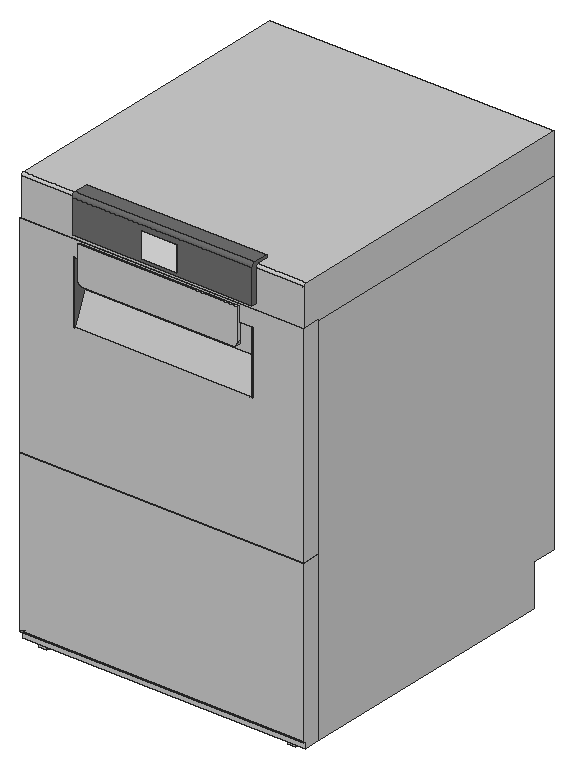
Revit family "Bi34", category Equipement spécialisé, Revit 2023
Family settings
  Cote de connecteur circulaire = Utiliser le diamètre
  Type d'élément = Normal
  Numéro OmniClass = 23.40.40.14
  Titre OmniClass = Food Service Equipment
  Basée sur le plan de construction = Non
  Autoriser la découpe dans les vues = Non
  Toujours verticalement = Oui
  Couper avec des vides une fois chargée = Non
  Conserver l'orientation des annotations = Non
  Partagée = Non
  Repère de localisation dans la pièce = Non
Parameters (values of type "6F0282")
  URL catalogo = "https://comenda.fr/pdf/docs/Infinity/Infinity.pdf"
  URL = "www.comenda.fr"
  Tensione = 400 V
  Temperatura raccomandata per acqua calda = 50 °C
  Stand feet kit = no
  Show Logo [instance] = yes
  Show Clearance [instance] = yes
  Protezione contro le sovracorrenti = 16 A
  Elévation par défaut = 0 mm
  Profondità = 530 mm
  Pressione minima acqua calda = 2000.0 Pa
  Potenza elettrica = 6850 W
  Peso netto = 59.00 kg
  Numero dei poli = 3
  Modèle = "Bi35 R"
  Fabricant = "COMENDA"
  Lunghezza = 480 mm
  HEIGHT FROM THE FLOOR = 5 mm
  Frequenza = 50 Hz
  Fase = 3
  Diametro raccordo acqua calda = 3/4"
  Diametro dello scarico diretto di acqua = 1 3/8"
  Description = "MULTIPOWER DOUBLE WALL GLASS WASHER"
  Corrente di funzionamento normale = 10.2 A
  Assembly Code = ""
  Base stand with door = no
  Altezza dello scarico diretto acqua da pavimento finito = 51 mm
  Altezza da terra raccordo acqua calda = 51 mm
  Altezza allacciamento elettrico da pavimento finito = 38 mm
  Altezza = 720 mm
Reference planes
  plane 1 "Back": y = 0
  plane 2: z = 0
  plane 3 "Left": x = 0
  plane 4 "Right": x = 480
  plane 5 "Front": y = -530
  plane 6 "Top": z = 720
Forms (mm)
  Extrusion 1, solid
    sketch origin (0, 0, 555) x (1, 0, 0) y (0, 1, 0)
      loop
        line (21.3, -49.113) -> (14.1, -61.584) -> (21.3, -74.054) -> (35.7, -74.054) -> (42.9, -61.584) -> (35.7, -49.113) -> (21.3, -49.113)
      loop
        line (443.3, -49.113) -> (436.1, -61.584) -> (443.3, -74.054) -> (457.7, -74.054) -> (464.9, -61.584) -> (457.7, -49.113) -> (443.3, -49.113)
      loop
        line (21.3, -493.113) -> (14.1, -505.584) -> (21.3, -518.054) -> (35.7, -518.054) -> (42.9, -505.584) -> (35.7, -493.113) -> (21.3, -493.113)
      loop
        line (443.3, -493.113) -> (436.1, -505.584) -> (443.3, -518.054) -> (457.7, -518.054) -> (464.9, -505.584) -> (457.7, -493.113) -> (443.3, -493.113)
    from -555 to -548.5
  Extrusion 2, solid
    sketch origin (0, 0, 550) x (1, 0, 0) y (0, 1, 0)
      loop
        circle (28.5, -61.584) r 9
      loop
        circle (450.5, -61.584) r 9
      loop
        circle (28.5, -505.584) r 9
      loop
        circle (450.5, -505.584) r 9
    from -543.5 to -541.3
  Extrusion 3, solid
    sketch origin (0, 0, 449.5) x (0, 1, 0) y (0, 0, 1)
      loop
        arc (-522.594, 266.5) -> (-526.129, 265.036) -> (-527.594, 261.5) r 5
        line (-527.594, 261.5) -> (-527.594, 198.5) -> (0, 198.5) -> (0, 266.5) -> (-522.594, 266.5)
    from 0 to 480
  Extrusion 4, solid
    sketch origin (0, 0, 550) x (0, 1, 0) y (0, 0, 1)
      loop
        line (-498.297, 98) -> (-498.297, -541.3) -> (-42.297, -541.3) -> (-42.297, -469.3) -> (0, -469.3) -> (0, 98) -> (-498.297, 98)
    from 0 to 480
  Extrusion 5, solid
    sketch origin (0, 0, 550) x (0, 1, 0) y (0, 0, 1)
      loop
        line (-498.297, -541.3) -> (-498.297, -259.054) -> (-529.984, -259.054) -> (-529.984, -528.054)
        arc (-529.984, -528.054) -> (-529.281, -529.751) -> (-527.584, -530.454) r 2.4
        line (-527.584, -530.454) -> (-525.384, -530.454)
        arc (-525.384, -530.454) -> (-524.252, -530.922) -> (-523.784, -532.054) r 1.6
        line (-523.784, -532.054) -> (-523.784, -541.3) -> (-498.297, -541.3)
    from 0 to 480
  Extrusion 6, solid
    sketch origin (1000, -568.594, 550) x (1, 0, 0) y (0, 0, 1)
      loop
        line (-1000, 98) -> (-1000, -257.058) -> (-520, -257.058) -> (-520, 98) -> (-1000, 98)
    from -70.297 to -38.594
  Extrusion 7, solid, visible <- "Show Clearance", detail levels coarse
    sketch origin (0, -2.39, 542.058) x (0, 1, 0) y (0, 0, 1)
      loop
        arc (-527.594, 104.606) -> (-773.613, -0.58) -> (-867.544, -251.112) r 340.3
        line (-867.544, -251.112) -> (-527.594, -251.112) -> (-527.594, 104.606)
    from 0 to 480
  Extrusion 8, solid
    sketch origin (0, 0, 445.5) x (0, -1, 0) y (0, 0, 1)
      loop
        line (527.594, 211.343) -> (534.473, 211.343) -> (534.473, 268.5)
        arc (534.473, 268.5) -> (532.716, 272.743) -> (528.473, 274.5) r 6
        line (528.473, 274.5) -> (503.594, 274.5) -> (503.594, 270.5) -> (522.594, 270.5)
        arc (522.594, 270.5) -> (526.129, 269.036) -> (527.594, 265.5) r 5
        line (527.594, 265.5) -> (527.594, 211.343)
    from -92 to -397
  Extrusion 9, solid
    sketch origin (60, -534.598, 662.768) x (0, 0, 1) y (-1, 0, 0)
      loop
        line (-0.768, -150.988) -> (-0.768, -209) -> (42.232, -209) -> (42.232, -150.988) -> (-0.768, -150.988)
    from -2 to 0.5
  Extrusion 10, void
    sketch origin (0, -568.594, 650.792) x (0, 0, 1) y (0, -1, 0)
      loop
        line (-29.792, -38.594) -> (-136.792, -38.594) -> (-87.792, -61.297) -> (-29.792, -61.297) -> (-29.792, -38.594)
    from 90 to 394
  Extrusion 11, solid
    sketch origin (394, -568.594, 650.792) x (0, 0, -1) y (0, -1, 0)
      loop
        line (29.792, -38.594) -> (29.792, -61.297) -> (87.792, -61.297) -> (136.792, -38.594) -> (29.792, -38.594)
    from 0 to 2
  Extrusion 12, solid
    sketch origin (90, -568.594, 650.792) x (0, 0, 1) y (0, -1, 0)
      loop
        line (-29.792, -38.594) -> (-136.792, -38.594) -> (-87.792, -61.297) -> (-29.792, -61.297) -> (-29.792, -38.594)
    from 0 to 2
  Extrusion 13, solid
    sketch origin (0, -529.984, 646.664) x (0, 0, -1) y (-1, 0, 0)
      loop
        line (0.664, -100.009) -> (0.664, -370.988) -> (55.621, -370.988)
        arc (55.621, -370.988) -> (61.313, -368.63) -> (63.671, -362.938) r 8.05
        line (63.671, -362.938) -> (63.671, -110.009)
        arc (63.671, -110.009) -> (60.742, -102.938) -> (53.671, -100.009) r 10
        line (53.671, -100.009) -> (0.664, -100.009)
    from 2.406 to -3.6
Cuts and joins
  Extrusion 10 cuts Extrusion 6
  Extrusion 10 cuts Extrusion 7
Lines and regions (mm)
  symbolic lines, style "200-EquipBorder-2D"
    curve 1: line (0, 0, 0) -> (480, 0, 0)
    curve 2: line (0, -529.984, 0) -> (0, 0, 0)
    curve 3: line (480, -529.984, 0) -> (0, -529.984, 0)
    curve 4: line (480, 0, 0) -> (480, -529.984, 0)
  symbolic lines, style "QF_Door-Drawer Clearances", visible <- "Show Clearance"
    curve 5: line (480, -869.65, 0) -> (0, -869.65, 0)
    curve 6: line (0, -529.984, 0) -> (0, -869.65, 0)
    curve 7: line (480, -869.65, 0) -> (480, -529.984, 0)
Dimensions and locks
  "Lunghezza": plane 3 "Left" to plane 4 "Right"
  "Profondità": plane 5 "Front" to plane 1 "Back"
  plane 6 "Top" to level = 720 mm
  Extrusion 4 to Extrusion 4 = 639.3 mm
  Extrusion 3 to Extrusion 4 = 68 mm
  Extrusion 1 to Extrusion 4 = 2.2 mm
  locked: Extrusion 1 to Extrusion 1 at 6.5
  locked: plane 6 "Top" to Extrusion 3 at 4
  "Altezza": plane 6 "Top" to level
  Extrusion 5 to level = 8.7 mm
  "Lunghezza": plane 4 "Right" to plane 3 "Left"
  aligned and locked: level to plane 2
  aligned and locked: Extrusion 2 to Extrusion 1
  aligned and locked: Extrusion 3 to Extrusion 8
Automatic sketch dimensions
  plane 1 "Back" to curve 1 = 0 mm
  curve 1 to plane 3 "Left" = 0 mm
  curve 5 to plane 4 "Right" = 0 mm
  plane 5 "Front" to curve 4 = 0.016 mm
  curve 6 to plane 5 "Front" = 339.65 mm
  plane 3 "Left" to Extrusion 1 sketch curve = 14.1 mm  (x2)
  Extrusion 1 sketch curve to Extrusion 1 sketch curve = 7.2 mm  (x12)
  plane 5 "Front" to Extrusion 1 sketch curve = 11.946 mm  (x2)
  Extrusion 1 sketch curve to Extrusion 1 sketch curve = 14.4 mm  (x8)
  plane 4 "Right" to Extrusion 1 sketch curve = 43.9 mm  (x2)
  Extrusion 1 sketch curve to Extrusion 1 sketch curve = 12.471 mm  (x12)
  plane 1 "Back" to Extrusion 1 sketch curve = 74.054 mm  (x2)
  plane 3 "Left" to Extrusion 2 sketch curve = 28.5 mm  (x2)
  plane 4 "Right" to Extrusion 2 sketch curve = 29.5 mm  (x2)
  plane 5 "Front" to Extrusion 2 sketch curve = 24.416 mm  (x2)
  plane 1 "Back" to Extrusion 2 sketch curve = 61.584 mm  (x2)
  Extrusion 3 sketch curve to plane 1 "Back" = 0 mm
  Extrusion 3 sketch curve to plane 6 "Top" = 4 mm
  plane 5 "Front" to Extrusion 3 sketch curve = 7.406 mm
  plane 5 "Front" to Extrusion 3 sketch curve = 2.406 mm
  Extrusion 3 sketch curve to Extrusion 3 sketch curve = 63 mm
  Extrusion 4 sketch curve to plane 1 "Back" = 0 mm
  plane 1 "Back" to Extrusion 4 sketch curve = 42.297 mm
  plane 5 "Front" to Extrusion 4 sketch curve = 31.703 mm
  level to Extrusion 4 sketch curve = 8.7 mm
  level to Extrusion 4 sketch curve = 80.7 mm
  Extrusion 4 sketch curve to plane 6 "Top" = 72 mm
  plane 5 "Front" to Extrusion 5 sketch curve = 0.016 mm
  plane 5 "Front" to Extrusion 5 sketch curve = 2.416 mm
  Extrusion 5 sketch curve to Extrusion 5 sketch curve = 2.2 mm
  Extrusion 5 sketch curve to Extrusion 5 sketch curve = 1.6 mm
  level to Extrusion 5 sketch curve = 8.7 mm
  Extrusion 5 sketch curve to Extrusion 5 sketch curve = 25.487 mm
  Extrusion 5 sketch curve to Extrusion 5 sketch curve = 9.246 mm
  Extrusion 5 sketch curve to Extrusion 5 sketch curve = 269 mm
  Extrusion 6 sketch curve to plane 3 "Left" = 0 mm
  plane 4 "Right" to Extrusion 6 sketch curve = 0 mm
  level to Extrusion 6 sketch curve = 292.942 mm
  Extrusion 6 sketch curve to plane 6 "Top" = 72 mm
  Extrusion 7 sketch curve to plane 5 "Front" = 339.934 mm
  plane 5 "Front" to Extrusion 7 sketch curve = 0.016 mm
  level to Extrusion 7 sketch curve = 290.946 mm
  Extrusion 7 sketch curve to Extrusion 7 sketch curve = 15.418 mm
  Extrusion 8 sketch curve to Extrusion 8 sketch curve = 19 mm
  Extrusion 3 to Extrusion 8 sketch curve = 0.879 mm
  Extrusion 8 sketch curve to Extrusion 8 sketch curve = 6.879 mm
  Extrusion 8 sketch curve to Extrusion 3 = 8.843 mm
  Extrusion 8 sketch curve to Extrusion 3 = 2 mm
  Extrusion 9 sketch curve to plane 6 "Top" = 58 mm
  Extrusion 9 sketch curve to plane 6 "Top" = 15 mm
  plane 4 "Right" to Extrusion 9 sketch curve = 211 mm
  Extrusion 9 sketch curve to Extrusion 9 sketch curve = 58.012 mm
  Extrusion 10 sketch curve to Extrusion 6 = 0 mm
  Extrusion 10 sketch curve to Extrusion 6 = 134 mm
  Extrusion 10 sketch curve to Extrusion 6 = 9 mm
  Extrusion 10 sketch curve to Extrusion 10 sketch curve = 49 mm
  Extrusion 10 sketch curve to Extrusion 6 = 27 mm
  Extrusion 11 sketch curve to Extrusion 10 = 0 mm  (x5)
  Extrusion 12 sketch curve to Extrusion 10 = 0 mm  (x4)
  Extrusion 10 to Extrusion 12 sketch curve = 0 mm
  Extrusion 13 sketch curve to Extrusion 7 = 0.664 mm
  Extrusion 13 sketch curve to Extrusion 7 = 53.671 mm
  Extrusion 13 sketch curve to Extrusion 13 sketch curve = 54.957 mm
  Extrusion 13 sketch curve to Extrusion 13 sketch curve = 8.05 mm
  Extrusion 7 to Extrusion 13 sketch curve = 109.012 mm
  Extrusion 7 to Extrusion 13 sketch curve = 110.009 mm
  radius of Extrusion 2 sketch curve = 9 mm  (x4)
  radius of Extrusion 8 sketch curve to Extrusion 3 = 0 mm
